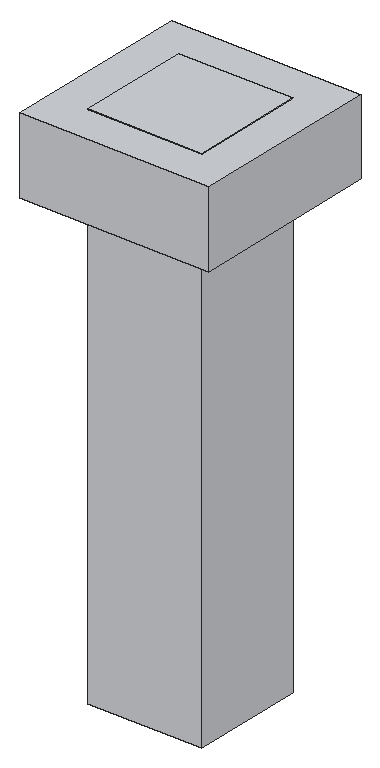
Revit family "Drop Cap", category Structural Columns, Revit 2018
Family settings
  Section Shape = Not Defined
  Material for Model Behavior = Other
  Always export as geometry = No
  Beam cutback in plan = From bounding box
  OmniClass Number = 23.25.30.11.14.11
  OmniClass Title = Columns
  Cut with Voids When Loaded = No
  Symbolic Representation = From Family
  Shared = No
  Show family pre-cut in plan views = Yes
Parameters (values of type "Drop Cap")
  Segment 5 reinforcement [instance] = ""
  Segment 4 reinforcement [instance] = ""
  Segment 3 reinforcement [instance] = ""
  Segment 2 reinforcement [instance] = ""
  Segment 1 reinforcement [instance] = ""
  Height of Pole [instance] = 14' - 1"
  Cap Width5 [instance] = 5' - 0"
  Cap Width4 [instance] = 5' - 0"
  Cap Width Right4 [instance] = 0.5 * Cap Width4  # 2' - 6"
  Cap Width Right5 [instance] = 0.5 * Cap Width5  # 2' - 6"
  Cap Width Left5 [instance] = 0.5 * Cap Width5  # 2' - 6"
  Cap Width Left4 [instance] = 0.5 * Cap Width4  # 2' - 6"
  Cap Thickness5 [instance] = 2' - 0"
  Cap Thickness4 [instance] = 2' - 0"
  Cap Height5 [instance] = 14' - 1"
  Cap Height4 [instance] = 14' - 1"
  Cap Height1 [instance] = 14' - 1"
  Cap Width3 [instance] = 5' - 0"
  Cap Width2 [instance] = 5' - 0"
  Cap Width Right3 [instance] = 0.5 * Cap Width3  # 2' - 6"
  Cap Width Right2 [instance] = 0.5 * Cap Width2  # 2' - 6"
  Cap Width Right1 [instance] = 0.5 * Cap Width1  # 2' - 6"
  Cap Width Left3 [instance] = 0.5 * Cap Width3  # 2' - 6"
  Cap Width Left2 [instance] = 0.5 * Cap Width2  # 2' - 6"
  Cap Width Left1 [instance] = 0.5 * Cap Width1  # 2' - 6"
  Cap Width1 [instance] = 5' - 0"
  Width Right = 0.5 * Width  # 1' - 6"
  Width = 3' - 0"
  Width Left = 0.5 * Width  # 1' - 6"
  Cap Thickness3 [instance] = 2' - 0"
  Cap Thickness2 [instance] = 2' - 0"
  Cap Thickness1 [instance] = 2' - 0"
  Cap Height3 [instance] = 14' - 1"
  Cap Height2 [instance] = 14' - 1"
  Cap Depth5 [instance] = 5' - 0"
  Cap Depth4 [instance] = 5' - 0"
  Cap Depth3 [instance] = 5' - 0"
  Cap Depth2 [instance] = 5' - 0"
  Cap Depth Top5 [instance] = 0.5 * Cap Depth5  # 2' - 6"
  Cap Depth Top4 [instance] = 0.5 * Cap Depth4  # 2' - 6"
  Cap Depth Top3 [instance] = 0.5 * Cap Depth3  # 2' - 6"
  Cap Depth Top2 [instance] = 0.5 * Cap Depth2  # 2' - 6"
  Cap Depth Top1 [instance] = 0.5 * Cap Depth1  # 2' - 6"
  Cap Depth Bottom5 [instance] = 0.5 * Cap Depth5  # 2' - 6"
  Cap Depth Bottom4 [instance] = 0.5 * Cap Depth4  # 2' - 6"
  Cap Depth Bottom3 [instance] = 0.5 * Cap Depth3  # 2' - 6"
  Cap Depth Bottom1 [instance] = 0.5 * Cap Depth1  # 2' - 6"
  Cap Depth1 [instance] = 5' - 0"
  Depth Top = 0.5 * Depth  # 1' - 6"
  Depth Bottom = 0.5 * Depth  # 1' - 6"
  Depth = 3' - 0"
  Cap Depth Bottom 2 [instance] = 0.5 * Cap Depth2  # 2' - 6"
Reference planes (in)
  plane 1 "Center (Front/Back)": y = 0
  plane 2: z = 0
  plane 3 "Center (Left/Right)": x = 0
  plane 4 "Left": x = -6
  plane 5 "Right": x = 6
  plane 6 "Back": y = 18
  plane 7 "Front": y = -18
Forms (in)
  Extrusion 1, solid
    sketch origin (0, 0, 0) x (1, 0, 0) y (0, 1, 0)
      loop
        line (-18, 18) -> (-18, -18) -> (18, -18) -> (18, 18) -> (-18, 18)
    from 0 to 169
  Extrusion 2, solid
    sketch origin (-2, -1, -84) x (1, 0, 0) y (0, 1, 0)
      loop
        line (-28, 31) -> (-28, -29) -> (32, -29) -> (32, 31) -> (-28, 31)
    from 229 to 253
  Extrusion 3, solid
    sketch origin (7, 0, -153.52978) x (1, 0, 0) y (0, 1, 0)
      loop
        line (-37, 30) -> (-37, -30) -> (23, -30) -> (23, 30) -> (-37, 30)
    from 298.52978 to 322.52978
  Extrusion 4, solid
    sketch origin (28, -1, -110) x (1, 0, 0) y (0, 1, 0)
      loop
        line (-58, 31) -> (-58, -29) -> (2, -29) -> (2, 31) -> (-58, 31)
    from 255 to 279
  Extrusion 5, solid
    sketch origin (-32.61431, -0.62016, -116) x (1, 0, 0) y (0, 1, 0)
      loop
        line (2.61431, 30.62016) -> (2.61431, -29.37984) -> (62.61431, -29.37984) -> (62.61431, 30.62016) -> (2.61431, 30.62016)
    from 261 to 285
  Extrusion 6, solid
    sketch origin (-8.03028, -0.46823, -120.34216) x (1, 0, 0) y (0, 1, 0)
      loop
        line (-21.96972, 30.46823) -> (-21.96972, -29.53177) -> (38.03028, -29.53177) -> (38.03028, 30.46823) -> (-21.96972, 30.46823)
    from 265.34216 to 289.34216
Dimensions and locks (in)
  equal spacing: plane 4 "Left", plane 3 "Center (Left/Right)", plane 5 "Right"
  equal spacing: plane 7 "Front", plane 1 "Center (Front/Back)", plane 6 "Back"
  Extrusion 1 to Extrusion 1 = 3' - 0"
  "Cap Depth Top1": Extrusion 2 to plane 1 "Center (Front/Back)"
  "Cap Depth Bottom1": plane 1 "Center (Front/Back)" to Extrusion 2
  "Width Left": Extrusion 1 to plane 3 "Center (Left/Right)"
  "Width Right": plane 3 "Center (Left/Right)" to Extrusion 1
  "Cap Width Left1": Extrusion 2 to plane 3 "Center (Left/Right)"
  "Cap Width Right1": plane 3 "Center (Left/Right)" to Extrusion 2
  "Depth Top": Extrusion 1 to plane 1 "Center (Front/Back)"
  "Depth Bottom": plane 1 "Center (Front/Back)" to Extrusion 1
  "Cap Thickness1": Extrusion 2 to Extrusion 2
  "Height of Pole": Extrusion 1 to Extrusion 1
  "Cap Depth Bottom 2": plane 1 "Center (Front/Back)" to Extrusion 3
  "Cap Depth Top2": plane 1 "Center (Front/Back)" to Extrusion 3
  "Cap Width Left2": Extrusion 3 to plane 3 "Center (Left/Right)"
  "Cap Width Right2": plane 3 "Center (Left/Right)" to Extrusion 3
  "Cap Width Left3": Extrusion 4 to plane 3 "Center (Left/Right)"
  "Cap Width Right3": plane 3 "Center (Left/Right)" to Extrusion 4
  "Cap Depth Top3": plane 1 "Center (Front/Back)" to Extrusion 4
  "Cap Depth Bottom3": plane 1 "Center (Front/Back)" to Extrusion 4
  "Cap Thickness2": Extrusion 3 to Extrusion 3
  "Cap Thickness3": Extrusion 4 to Extrusion 4
  "Cap Width Left4": Extrusion 5 to plane 3 "Center (Left/Right)"
  "Cap Width Right4": plane 3 "Center (Left/Right)" to Extrusion 5
  "Cap Depth Top4": plane 1 "Center (Front/Back)" to Extrusion 5
  "Cap Depth Bottom4": plane 1 "Center (Front/Back)" to Extrusion 5
  "Cap Thickness4": Extrusion 5 to Extrusion 5
  "Cap Height4": level to Extrusion 5
  "Cap Height3": level to Extrusion 4
  "Cap Height2": level to Extrusion 3
  "Cap Height1": level to Extrusion 2
  "Cap Height5": level to Extrusion 6
  "Cap Thickness5": Extrusion 6 to Extrusion 6
  "Cap Width Left5": Extrusion 6 to plane 3 "Center (Left/Right)"
  "Cap Width Right5": plane 3 "Center (Left/Right)" to Extrusion 6
  "Cap Depth Top5": plane 1 "Center (Front/Back)" to Extrusion 6
  "Cap Depth Bottom5": plane 1 "Center (Front/Back)" to Extrusion 6
  aligned and locked: level to plane 2
  aligned and locked: Extrusion 1 to level
Automatic sketch dimensions
  plane 4 "Left" to Extrusion 1 sketch curve = 1' - 0"
  Extrusion 1 sketch curve to plane 5 "Right" = 1' - 0"
  plane 7 "Front" to Extrusion 1 sketch curve = 0' - 0"
  Extrusion 1 sketch curve to plane 6 "Back" = 0' - 0"
  plane 4 "Left" to Extrusion 2 sketch curve = 2' - 0"
  Extrusion 2 sketch curve to plane 5 "Right" = 2' - 0"
  plane 7 "Front" to Extrusion 2 sketch curve = 1' - 0"
  Extrusion 2 sketch curve to plane 6 "Back" = 1' - 0"
  plane 7 "Front" to Extrusion 3 sketch curve = 1' - 0"
  plane 4 "Left" to Extrusion 3 sketch curve = 2' - 0"
  Extrusion 3 sketch curve to plane 6 "Back" = 1' - 0"
  Extrusion 3 sketch curve to plane 5 "Right" = 2' - 0"
  plane 4 "Left" to Extrusion 4 sketch curve = 2' - 0"
  Extrusion 4 sketch curve to plane 5 "Right" = 2' - 0"
  plane 7 "Front" to Extrusion 4 sketch curve = 1' - 0"
  Extrusion 4 sketch curve to plane 6 "Back" = 1' - 0"
  plane 7 "Front" to Extrusion 5 sketch curve = 1' - 0"
  plane 4 "Left" to Extrusion 5 sketch curve = 2' - 0"
  Extrusion 5 sketch curve to plane 4 "Left" = 3' - 0"
  Extrusion 5 sketch curve to plane 7 "Front" = 4' - 0"
  plane 4 "Left" to Extrusion 6 sketch curve = 2' - 0"
  Extrusion 6 sketch curve to plane 5 "Right" = 2' - 0"
  plane 7 "Front" to Extrusion 6 sketch curve = 1' - 0"
  Extrusion 6 sketch curve to plane 6 "Back" = 1' - 0"
